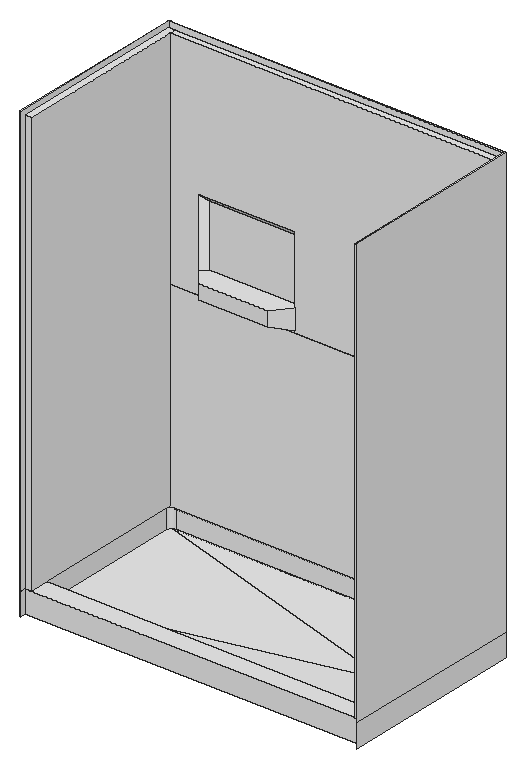
Revit family "5LBS6032.V2 L-R", category Plumbing Fixtures, Revit 2019
Family settings
  Round Connector Dimension = Use Diameter
  Part Type = Normal
  OmniClass Number = 23.45.05.14.17
  OmniClass Title = Showers
  Work Plane-Based = No
  Always vertical = Yes
  Cut with Voids When Loaded = No
  Shared = No
  Room Calculation Point = No
Parameters (values of type "5LRS6032")
  Unit Width = 60"
  Unit Height = 80 1/2"
  Unit Depth = 33"
  URL = "http://www.bestbath.com/"
  Type Comments = "Remodeler"
  Model = "5LBS6032"
  Material [instance] = Best Bath Gelcoat Fiberglass - Subway 4 x 8
  Manufacturer = "Best Bath Systems, Inc."
  Keynote = "22 40 00.B3"
  Description = "Real Tile Finish"
  Assembly Code = "D2010710"
Reference planes (in)
  plane 1: z = 0
  plane 2 "Left": x = 0
  plane 3: z = 79.5
  plane 4: z = 80.5
  plane 5: y = 4.36165
  plane 6: y = 36.36165
  plane 7: x = 60
  plane 8: y = 35.11165
  plane 9: y = 20.36165
  plane 10: z = 0.375
  plane 11: z = 0.75
  plane 12: z = 39.5
  plane 13: z = 4
  plane 14: y = 3.36165
  plane 15: z = 43.5
  plane 16: x = 51.5
Forms (in)
  Extrusion 1, solid, material "Best Bath Gelcoat Fiberglass - Smooth"
    sketch origin (0, 0, 0) x (1, 0, 0) y (0, 1, 0)
      loop
        line (0, 4.36165) -> (60, 4.36165) -> (60, 36.36165) -> (0, 36.36165) -> (0, 4.36165)
      loop
        circle (51.5, 20.36165) r 2.125
    from 0 to 0.75
  Extrusion 2, solid, material "Best Bath Gelcoat Fiberglass - Smooth"
    sketch origin (0, 0, 0) x (1, 0, 0) y (0, 1, 0)
      loop
        line (1.25, 36.36165) -> (1.25, 35.11165) -> (58.75, 35.11165) -> (58.75, 36.36165) -> (1.25, 36.36165)
    from 4 to 39.5
  Blend 3, void
    base sketch origin (21.75, -0.01884, 0) x (1, 0, 0) y (0, 1, 0)
      loop
        line (-20.5, 8.38049) -> (37, 8.38049) -> (37, 35.11165) -> (-20.5, 35.11165) -> (-20.5, 8.38049)
    top sketch origin (21.75, -0.01884, 0) x (1, 0, 0) y (0, 1, 0)
      loop
        circle (30, 20.36165) r 0.07952
    from 0.75 to 0.375
  Extrusion 4, solid, material "Best Bath Gelcoat Fiberglass - Smooth"
    sketch origin (0, 0, 0) x (1, 0, 0) y (0, 1, 0)
      loop
        line (1.25, 36.36165) -> (1.25, 35.11165) -> (58.75, 35.11165) -> (58.75, 36.36165) -> (1.25, 36.36165)
    from 39.5 to 79.5
  Extrusion 5, solid, material "Best Bath Gelcoat Fiberglass - Smooth"
    sketch origin (0.25, 0, 0) x (1, 0, 0) y (0, 1, 0)
      loop
        line (-0.25, 4.36165) -> (1, 4.36165) -> (1, 36.36165) -> (-0.25, 36.36165) -> (-0.25, 4.36165)
      loop
        line (59.75, 4.36165) -> (59.75, 36.36165) -> (58.5, 36.36165) -> (58.5, 4.36165) -> (59.75, 4.36165)
    from 4 to 79.5
  Extrusion 6, solid, material "Best Bath Gelcoat Fiberglass - Smooth"
    sketch origin (0, 0, 0) x (1, 0, 0) y (0, 1, 0)
      loop
        line (0, 36.36165) -> (0, 4.36165) -> (1.25, 4.36165) -> (1.25, 34.11165)
        arc (1.25, 34.11165) -> (1.54289, 34.81875) -> (2.25, 35.11165) r 1
        line (2.25, 35.11165) -> (57.75, 35.11165)
        arc (57.75, 35.11165) -> (58.45711, 34.81875) -> (58.75, 34.11165) r 1
        line (58.75, 34.11165) -> (58.75, 4.36165) -> (60, 4.36165) -> (60, 35.11165) -> (60, 36.36165) -> (0, 36.36165)
    from 0 to 4
  Sweep 7, solid, material "Best Bath Gelcoat Fiberglass - Smooth"
    path origin (0, 0, 0) x (1, 0, 0) y (0, 1, 0)
      loop
        line (1.25, 4.36165) -> (58.75, 4.36165)
    profile origin (30, 4.36165, 0) x (0, 1, 0) y (0, 0, 1)
      loop
        line (0, 0) -> (4.15, 0) -> (3.35, 4) -> (0, 4) -> (0, 0)
  Extrusion 8, solid, material "Best Bath Gelcoat Fiberglass - Smooth"
    sketch origin (0, 0, 0) x (1, 0, 0) y (0, 1, 0)
      loop
        line (0, 4.36165) -> (0, 3.36165) -> (0.125, 3.36165) -> (0.125, 4.36165) -> (0, 4.36165)
      loop
        line (60, 4.36165) -> (59.875, 4.36165) -> (59.875, 3.36165) -> (60, 3.36165) -> (60, 4.36165)
    from 0 to 4
  Extrusion 9, solid, material "Best Bath Gelcoat Fiberglass - Smooth"
    sketch origin (0, 0, 0) x (1, 0, 0) y (0, 1, 0)
      loop
        line (0.125, 36.36165) -> (0.125, 36.23665) -> (59.875, 36.23665) -> (59.875, 36.36165) -> (0.125, 36.36165)
    from 79.5 to 80.5
  Extrusion 10, solid, material "Best Bath Gelcoat Fiberglass - Smooth"
    sketch origin (0, 0, 0) x (1, 0, 0) y (0, 1, 0)
      loop
        line (0, 3.36165) -> (0.125, 3.36165) -> (0.125, 36.36165) -> (0, 36.36165) -> (0, 3.36165)
      loop
        line (60, 3.36165) -> (60, 36.36165) -> (59.875, 36.36165) -> (59.875, 3.36165) -> (60, 3.36165)
    from 4 to 80.5
  Blend 11, solid, material "Best Bath Gelcoat Fiberglass - Smooth"
    base sketch origin (-32.5625, -38, -0.375) x (1, 0, 0) y (0, 0, 1)
      loop
        line (56, 43.875) -> (39, 43.875) -> (39, 40.125) -> (56, 40.125) -> (56, 43.875)
    top sketch origin (-32.5625, -38, -0.375) x (1, 0, 0) y (0, 0, 1)
      loop
        line (41.375, 43.875) -> (41.375, 41.25) -> (53.625, 41.25) -> (53.625, 43.875) -> (41.375, 43.875)
    from -73.11165 to -70.11165
  Blend 12, void
    base sketch origin (-32.5625, -38.5, -0.375) x (1, 0, 0) y (0, 0, 1)
      loop
        line (39, 43.875) -> (56, 43.875) -> (56, 55.875) -> (39, 55.875) -> (39, 43.875)
    top sketch origin (-32.5625, -38.5, -0.375) x (1, 0, 0) y (0, 0, 1)
      loop
        line (40, 43.875) -> (55, 43.875) -> (55, 54.875) -> (40, 54.875) -> (40, 43.875)
    from -73.61165 to -74.61165
  Blend 13, void
    base sketch origin (92.5625, -38.5, -0.375) x (-1, 0, 0) y (0, 0, -1)
      loop
        line (39, -43.875) -> (39, -55.875) -> (56, -55.875) -> (56, -43.875) -> (39, -43.875)
    top sketch origin (92.5625, -38.5, -0.375) x (-1, 0, 0) y (0, 0, -1)
      loop
        line (40, -43.875) -> (40, -54.875) -> (55, -54.875) -> (55, -43.875) -> (40, -43.875)
    from -73.61165 to -74.61165
  Blend 14, solid, material "Best Bath Gelcoat Fiberglass - Smooth"
    base sketch origin (92.5625, -38, -0.375) x (-1, 0, 0) y (0, 0, -1)
      loop
        line (56, -43.875) -> (56, -40.125) -> (39, -40.125) -> (39, -43.875) -> (56, -43.875)
    top sketch origin (92.5625, -38, -0.375) x (-1, 0, 0) y (0, 0, -1)
      loop
        line (41.375, -43.875) -> (53.625, -43.875) -> (53.625, -41.25) -> (41.375, -41.25) -> (41.375, -43.875)
    from -73.11165 to -70.11165
Cuts and joins
  Blend 3 cuts Extrusion 1
  joined: Extrusion 1, Extrusion 6, Sweep 7, Extrusion 8
  Blend 12, Blend 13 cuts Extrusion 4
  Blend 12, Blend 13 cuts Extrusion 9
  Blend 13 cuts Blend 11
  joined: Extrusion 4, Extrusion 9, Blend 11, Blend 14
  joined: Extrusion 5, Extrusion 10
Lines and regions (in)
  model lines
    curve 1: line (60, 36.36165, 0) -> (51.5, 36.36165, 0)
Dimensions and locks (in)
  locked: plane 4 to plane 3 at 1
  "Unit Height": plane 4 to level
  "Unit Width": plane 2 "Left" to plane 7
  plane 6 to plane 8 = 1 1/4"
  locked: plane 6 to plane 9 at 16
  locked: plane 11 to level at 0.75
  locked: plane 11 to plane 10 at 0.375
  locked: plane 12 to plane 13 at 35.5
  locked: plane 13 to level at 4
  locked: plane 5 to plane 14 at 1
  "Unit Depth": plane 6 to plane 14
  locked: plane 15 to plane 12 at 4
  locked: plane 16 to plane 7 at 8.5
  aligned and locked: level to plane 1
  aligned and locked: Extrusion 1 sketch curve to plane 5
  aligned and locked: Extrusion 1 sketch curve to plane 2 "Left"
  aligned and locked: plane 6 to Extrusion 1 sketch curve
  aligned and locked: Extrusion 1 sketch curve to plane 7
  aligned and locked: plane 9 to Extrusion 1 sketch curve
  aligned and locked: plane 11 to Extrusion 1
  aligned and locked: Extrusion 1 to Blend 3
  aligned and locked: Blend 3 to plane 10
  aligned and locked: plane 12 to Extrusion 2
  aligned and locked: Extrusion 4 to Extrusion 2
  aligned and locked: plane 3 to Extrusion 4
  aligned and locked: plane 3 to Extrusion 5
  aligned and locked: plane 13 to Extrusion 6
  aligned and locked: Extrusion 5 to plane 13
  aligned and locked: plane 13 to cut or joined group of Extrusion 1, Blend 3, Extrusion 6, Sweep 7, Extrusion 8
  aligned and locked: Extrusion 2 to plane 13
  aligned and locked: Extrusion 8 to Extrusion 2
  aligned and locked: Extrusion 9 to plane 3
  aligned and locked: plane 4 to Extrusion 9
  aligned and locked: Extrusion 10 to Extrusion 2
  aligned and locked: plane 4 to Extrusion 10
  aligned and locked: plane 15 to Blend 11
  aligned and locked: cut or joined group of Extrusion 4, Extrusion 9, Blend 11, Blend 12, Blend 13, Blend 14 to plane 15
Automatic sketch dimensions
  Extrusion 2 sketch curve to plane 8 = 0"
  Extrusion 2 sketch curve to plane 6 = 0"
  plane 2 "Left" to Extrusion 2 sketch curve = 1 1/4"
  plane 7 to Extrusion 2 sketch curve = 1 1/4"
  Extrusion 4 sketch curve to plane 8 = 0"
  Extrusion 4 sketch curve to plane 6 = 0"
  plane 2 "Left" to Extrusion 4 sketch curve = 1 1/4"
  plane 7 to Extrusion 4 sketch curve = 1 1/4"
  Extrusion 6 sketch curve to plane 2 "Left" = 0"
  Extrusion 6 sketch curve to plane 5 = 0"  (x2)
  Extrusion 6 sketch curve to plane 8 = 0"  (x2)
  Extrusion 6 sketch curve to plane 7 = 0"
  Extrusion 6 sketch curve to plane 6 = 0"
  Extrusion 6 sketch curve to Extrusion 6 sketch curve = 1 1/4"
  Extrusion 6 sketch curve to Extrusion 6 sketch curve = 1"
  Extrusion 6 sketch curve to plane 8 = 1"
  plane 7 to Extrusion 6 sketch curve = 2 1/4"
  Sweep 7 sketch curve to plane 5 = 0"
  plane 2 "Left" to Sweep 7 sketch curve = 1 1/4"
  plane 7 to Sweep 7 sketch curve = 1 1/4"
  Sweep 7 sketch curve to profile plane = 0"
  Sweep 7 sketch curve to level = 0"
  Sweep 7 sketch curve to profile plane = 3.35"
  Sweep 7 sketch curve to profile plane = 4.15"
  level to Sweep 7 sketch curve = 4"
  Extrusion 8 sketch curve to plane 2 "Left" = 0"
  Extrusion 8 sketch curve to plane 14 = 0"  (x2)
  Extrusion 8 sketch curve to plane 5 = 0"  (x2)
  Extrusion 8 sketch curve to plane 7 = 0"
  plane 2 "Left" to Extrusion 8 sketch curve = 1/8"
  Extrusion 8 sketch curve to Extrusion 8 sketch curve = 1/8"
  Extrusion 9 sketch curve to plane 6 = 0"
  Extrusion 9 sketch curve to plane 6 = 1/8"
  plane 2 "Left" to Extrusion 9 sketch curve = 1/8"
  plane 7 to Extrusion 9 sketch curve = 1/8"
  Extrusion 10 sketch curve to plane 2 "Left" = 0"
  Extrusion 10 sketch curve to plane 14 = 0"  (x2)
  Extrusion 10 sketch curve to plane 7 = 0"
  plane 2 "Left" to Extrusion 10 sketch curve = 1/8"
  Extrusion 10 sketch curve to Extrusion 10 sketch curve = 1/8"
  Extrusion 10 sketch curve to plane 6 = 0"  (x2)
  Blend 11 sketch curve to plane 15 = 0"  (x2)
  plane 2 "Left" to Blend 11 sketch curve = 6 7/16"
  plane 12 to Blend 11 sketch curve = 1/4"
  plane 12 to Blend 11 sketch curve = 1 3/8"
  plane 2 "Left" to Blend 11 sketch curve = 8 13/16"
  Blend 12 sketch curve to plane 15 = 0"  (x2)
  plane 2 "Left" to Blend 12 sketch curve = 6 7/16"
  Blend 12 sketch curve to Blend 12 sketch curve = 12"
  plane 2 "Left" to Blend 12 sketch curve = 7 7/16"
  Blend 12 sketch curve to Blend 12 sketch curve = 11"
  Blend 13 sketch curve to plane 15 = 0"  (x2)
  plane 7 to Blend 13 sketch curve = 6 7/16"
  Blend 13 sketch curve to Blend 13 sketch curve = 12"
  plane 7 to Blend 13 sketch curve = 7 7/16"
  Blend 13 sketch curve to Blend 13 sketch curve = 11"
  Blend 14 sketch curve to plane 15 = 0"  (x2)
  plane 7 to Blend 14 sketch curve = 6 7/16"
  plane 12 to Blend 14 sketch curve = 1/4"
  plane 12 to Blend 14 sketch curve = 1 3/8"
  plane 7 to Blend 14 sketch curve = 8 13/16"
  curve 1 to plane 6 = 0"
  curve 1 to plane 7 = 0"
  plane 7 to curve 1 = 8 1/2"
  plane 7 to Extrusion 1 sketch curve = 8 1/2"
  Blend 3 sketch curve to plane 9 = 0.01884"
  plane 7 to Blend 3 sketch curve = 8 1/4"
  Blend 3 sketch curve to plane 8 = 0.01884"
  plane 2 "Left" to Blend 3 sketch curve = 1 1/4"
  plane 7 to Blend 3 sketch curve = 1 1/4"
  plane 5 to Blend 3 sketch curve = 4"
  Blend 11 sketch curve to Blend 11 sketch curve = 17"
  Blend 11 sketch curve to Blend 11 sketch curve = 12 1/4"
  Blend 12 sketch curve to Blend 12 sketch curve = 17"
  Blend 12 sketch curve to Blend 12 sketch curve = 15"
  Blend 13 sketch curve to plane 16 = 14 15/16"
  Blend 13 sketch curve to plane 16 = 13 15/16"
  Blend 14 sketch curve to plane 16 = 14 15/16"
  Blend 14 sketch curve to Blend 14 sketch curve = 12 1/4"
  Extrusion 5 sketch curve to plane 2 "Left" = 0"
  Extrusion 5 sketch curve to plane 5 = 0"  (x2)
  Extrusion 5 sketch curve to plane 6 = 0"  (x2)
  Extrusion 5 sketch curve to plane 7 = 0"
  Extrusion 5 sketch curve to Extrusion 5 sketch curve = 1 1/4"
  plane 7 to Extrusion 5 sketch curve = 1 1/4"
  radius of Blend 3 sketch curve = 0.07952"
  radius of Extrusion 1 sketch curve = 2 1/8"
